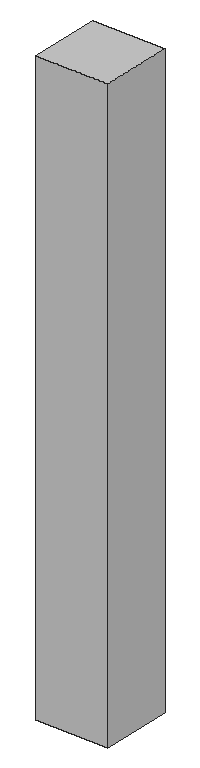
Revit family "9e597cf3796849189f91ed7a12b70403", category Structural Columns, Revit 2026
Family settings
  Display in Hidden Views = Edges Hidden by Other Members
  Section Shape = Not Defined
  Material for Model Behavior = Concrete
  Always export as geometry = No
  Beam cutback in plan = From bounding box
  Seek Item ID = Concrete-Square-Column-0000-CAN-ENU
  Cut with Voids When Loaded = No
  Symbolic Representation = From Family
  Shared = No
  Show family pre-cut in plan views = Yes
Parameters (values of type "300 x 300mm")
  b = 300 mm
  Structural Material [instance] = Concrete, Cast-in-Place gray
Types (5, lengths in mm): name | b
  (no name) | 300
  300 x 300mm | 300
  450 x 450mm | 450
  600 x 600mm | 600
  750 x 750mm | 750
Reference planes
  plane 1 "Center (Front/Back)": y = 0
  plane 2: z = 0
  plane 3 "Center (Left/Right)": x = 0
  plane 4: x = -150
  plane 5: x = 150
  plane 6: y = 150
  plane 7: y = -150
Forms (mm)
  Extrusion 1, solid, material "Concrete, Cast-in-Place gray" <- "Structural Material"
    sketch origin (0, 0, 0) x (1, 0, 0) y (0, 1, 0)
      loop
        line (-150, 150) -> (-150, -150) -> (150, -150) -> (150, 150) -> (-150, 150)
    from 0 to 2500
Dimensions and locks
  equal spacing: plane 4, plane 3 "Center (Left/Right)", plane 5
  equal spacing: plane 7, plane 1 "Center (Front/Back)", plane 6
  "b": plane 7 to plane 6
  "b": plane 4 to plane 5
  aligned and locked: plane 6 to Extrusion 1 sketch curve
  aligned and locked: Extrusion 1 sketch curve to plane 7
  aligned and locked: Extrusion 1 sketch curve to plane 4
  aligned and locked: plane 5 to Extrusion 1 sketch curve
  aligned and locked: level to Extrusion 1
  aligned and locked: level to plane 2
  aligned and locked: Extrusion 1 to plane 2
